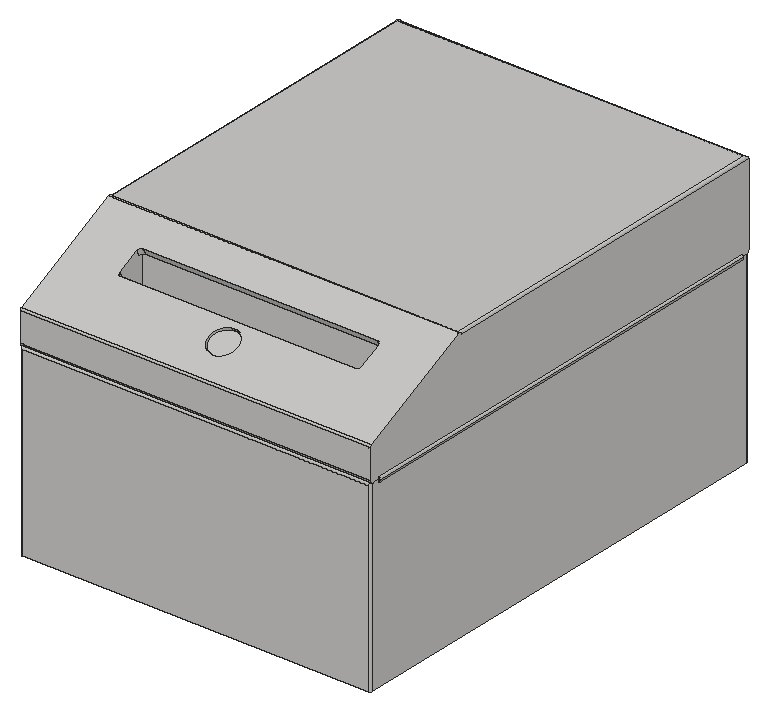
Revit family "PRD_AR_PprTwlDspnsrs_RODANElectronicPaperTowelDispenser_RODX630", category Specialty Equipment, host Face, Revit 2018
Family settings
  Host = Face
  Round Connector Dimension = Use Diameter
  Part Type = Normal
  OmniClass Number = 23.40.20.21.17
  OmniClass Title = Paper Towel Dispensers, Disposal Units
  Cut with Voids When Loaded = Yes
  Shared = No
  Room Calculation Point = No
Parameters (values of type "RODX630")
  WarrantyStartDate [instance] = "1900-12-31T23:59:59"
  WarrantyGuarantorParts = "n/a"
  WarrantyGuarantorLabor = "n/a"
  WarrantyDurationUnit = "year"
  WarrantyDurationParts = "n/a"
  WarrantyDurationLabor = "n/a"
  WarrantyDescription = "n/a"
  Version = "1"
  Uniclass2015Version = "Products v1.17"
  Uniclass2015Title = "Paper towel dispensers"
  Uniclass2015Code = "Pr_40_70_22_62"
  URL = "www.kwc.com"
  TypeOfOperation = "Sensor operation"
  TypeOfMounting = "Wall mounting"
  TypeOfFixing = "Screw"
  TypeOfConsumable = "Paper roll"
  TypeOfBatteries = "D Mono battery 1.5 V"
  TagNumber [instance] = "n/a"
  SustainabilityPerformance = "n/a"
  Style = "Dispenser"
  Size = "290 x 390 x 226 mm"
  Shape = "n/a"
  SerialNumber [instance] = "n/a"
  Revision = "n/a"
  ReplacementCost = "n/a"
  ProductInformation = "https://pim.kwc.com/product/2000090071/attachment/datasheet?locale=en"
  Offset = 0 mm
  NumberOfBatteries = "4"
  NominalWidth = 290 mm
  NominalHeight = 390 mm
  NominalDepth = 226 mm
  NetWeight = 5.55 kg
  Name = "Electronic Paper Towel Dispenser RODX630"
  NBSTypeID = "n/a"
  NBSReference = "45-35-72/344"
  NBSOfficeMasterTag = "n/a"
  NBSNote = "n/a"
  NBSDescription = "Paper towel dispensers"
  NBSCertification = "n/a"
  ModelReference = "RODX630"
  ModelNumber = "2000090071"
  Model = ModelReference  # "RODX630"
  MaximumWidthOfConsumable = "205.00 mm"
  MaximumDepthDiameterOfConsumable = "220.00 mm"
  MaterialThickness = "0.80 mm"
  MaterialCode = "1.4301"
  Material = "stainless steel"
  ManufacturerURL = "www.kwc.com"
  ManufacturerName = "KWC Group AG"  # constant formula
  Manufacturer = ManufacturerName  # "KWC Group AG"
  MainColor = "stainless steel"
  Lock = "Key-lock"
  IsBuiltIn = "TRUE"
  IntegralAccessories = "incl. stainless steel screws and dowels"
  InstallationDate [instance] = "1900-12-31T23:59:59"
  IfcExportType = "USERDEFINED"
  IfcExportAs = "IfcFurnitureType"
  GrossWeight = 6.34 kg
  Grade = "n/a"
  Finish = "satin finished"
  FillingQuantityUom = "Rolls"
  FillingQuantity = "1"
  Features = "stainless steel, surface satin finished"
  ExpectedLife = "n/a"
  DurationUnit = "year"
  DispenserMaterial = PRD_AR_StainlessSteel_SatinFinished
  Description = "Touch free paper towel dispenser for wall mounting, stainless steel, surface satin finished, material thickness 0.8 mm, folded cover with cylinder lock and standard KWC key, infrared sensor activity for non-touch operation, integrated tear-off edge, needs 4 pcs. standard D 1.5 V batteries, maintenance free mechanic and easy paper roll change mechanism, for rolls with max. width 205 mm and max. diameter 200 mm, paper length adjustable to 200, 250 and 300 mm, includes stainless steel screws and dowels."
  Default Elevation = 850 mm
  CreatedOn = "05/2020"  # constant formula
  Constituents = "n/a"
  Color = "n/a"
  CodePerformance = "n/a"
  Category = "Pr_40_70_22_62, Paper Towel Dispensers"
  BarCode [instance] = "n/a"
  BIMObjectName = "PRD_AR_PaperTowelDispensers_RODANElectronicPaperTowelDispenser_RODX630"
  Author = "Archispace"  # constant formula
  AssetType = "Fixed"
  AssetIdentifier [instance] = "n/a"
  AccessibilityPerformance = "n/a"
Reference planes
  plane 1 "Center (Front/Back)": y = 0
  plane 2: z = 0
  plane 3 "Center (Left/Right)": x = 0
  plane 4: z = 0
Dimensions and locks
  "Offset": plane 4 to level
  aligned and locked: plane 2 to host face
  aligned and locked: level to host face
Automatic sketch dimensions
  host sketch curve to host sketch curve = 527.678 mm
  host sketch curve to host sketch curve = 523.508 mm
Nested families
  nested 1: "RODX630" at (0, 0, 0), type "RODX630"
Definition of nested family "RODX630"
  Parameters (values of type "RODX630")
    Material = none
  Reference planes
    plane 1 "Center (Front/Back)": y = 0
    plane 2: z = 0
    plane 3 "Center (Left/Right)": x = 0
  Forms (mm)
    Extrusion 1, solid, material <- "Material", detail levels fine
      sketch origin (0, 0, 0) x (1, 0, 0) y (0, 1, 0)
        loop
          line (-145, 195) -> (-145, -195) -> (145, -195) -> (145, 195) -> (-145, 195)
      from 0 to 154.5
    Extrusion 2, solid, material <- "Material", detail levels fine
      sketch origin (0, 0, 0) x (0, 1, 0) y (0, 0, 1)
        loop
          line (195, 156.5) -> (195, 226) -> (-102.546, 226)
          arc (-102.546, 226) -> (-102.989, 225.95) -> (-103.409, 225.804) r 2
          line (-103.409, 225.804) -> (-193.863, 182.544)
          arc (-193.863, 182.544) -> (-194.692, 181.806) -> (-195, 180.74) r 2
          line (-195, 180.74) -> (-195, 156.5)
          arc (-195, 156.5) -> (-194.414, 155.086) -> (-193, 154.5) r 2
          line (-193, 154.5) -> (193, 154.5)
          arc (193, 154.5) -> (194.414, 155.086) -> (195, 156.5) r 2
      from -145 to 145
    Sweep 3, void
      path in 3D
        loop
          line (145, -195, 0) -> (145, -195, 154.5) -> (-145, -195, 154.5) -> (-145, -195, 0)
      profile origin (-145, -195, 77.25) x (-1, 0, 0) y (0, -1, 0)
        loop
          line (0, 0) -> (-2, 0)
          arc (-2, 0) -> (-0.586, -0.586) -> (0, -2) r 2
          line (0, -2) -> (0, 0)
    Sweep 4, void
      path in 3D
        loop
          line (145, 195, 0) -> (145, 195, 154.5) -> (-145, 195, 154.5) -> (-145, 195, 0)
      profile origin (-145, 195, 77.25) x (-1, 0, 0) y (0, -1, 0)
        loop
          line (0, 0) -> (0, 2)
          arc (0, 2) -> (-0.586, 0.586) -> (-2, 0) r 2
          line (-2, 0) -> (0, 0)
    Sweep 5, void
      path in 3D
        loop
          line (-145, -102.546, 226) -> (-145, 195, 226) -> (145, 195, 226) -> (145, -102.546, 226)
      profile origin (-145, 46.227, 226) x (-1, 0, 0) y (0, 0, 1)
        loop
          line (0, 0) -> (-2, 0)
          arc (-2, 0) -> (-0.586, -0.586) -> (0, -2) r 2
          line (0, -2) -> (0, 0)
    Extrusion 6, void
      sketch origin (0, -103.409, 225.804) x (0, 0.902134, 0.431455) y (-1, 0, 0)
        loop
          arc (-30.5, -100) -> (-28.379, -99.121) -> (-27.5, -97) r 3
          line (-27.5, -97) -> (-27.5, 97)
          arc (-27.5, 97) -> (-28.379, 99.121) -> (-30.5, 100) r 3
          line (-30.5, 100) -> (-49.5, 100)
          arc (-49.5, 100) -> (-51.621, 99.121) -> (-52.5, 97) r 3
          line (-52.5, 97) -> (-52.5, -97)
          arc (-52.5, -97) -> (-51.621, -99.121) -> (-49.5, -100) r 3
          line (-49.5, -100) -> (-30.5, -100)
      from -5 to 0
    Extrusion 7, void
      sketch origin (0, 0, 0) x (0, 1, 0) y (0, 0, 1)
        loop
          line (-126.061, 209.429) -> (-145.794, 199.991) -> (-145.794, 169.471)
          arc (-145.794, 169.471) -> (-140.03, 155.424) -> (-126.061, 149.473) r 20
          line (-126.061, 149.473) -> (-126.061, 209.429)
      from -100 to 100
    Extrusion 8, void
      sketch origin (0, -103.409, 225.804) x (0, 0.902134, 0.431455) y (-1, 0, 0)
        loop
          circle (-69.5, 0) r 12
      from 0 to -2
    Sweep 9, solid, material <- "Material", detail levels fine
      path origin (0, 0, 0) x (0, 1, 0) y (0, 0, 1)
        loop
          line (-187.5, 154.527) -> (187.5, 154.527)
      profile origin (0, 0, 154.527) x (0, 0, 1) y (1, 0, 0)
        loop
          circle (-0.027, 145) r 1.8
    Revolve 10, solid, material <- "Material", detail levels fine
      sketch origin (0, 30.691, 194.178) x (0, 0.902134, 0.431455) y (-1, 0, 0)
        loop
          line (-34.021, 145) -> (-24.021, 145) -> (-24.021, 147.7)
          arc (-24.021, 147.7) -> (-24.606, 149.114) -> (-26.021, 149.7) r 2
          line (-26.021, 149.7) -> (-27.655, 149.7)
          arc (-27.655, 149.7) -> (-28.021, 150.066) -> (-28.521, 150.2) r 1
          line (-28.521, 150.2) -> (-34.021, 150.2) -> (-34.021, 145)
        axis (-34.021, 150.2) -> (-34.021, 145)
      angle from 0 to 360
    Extrusion 11, solid, material <- "Material", detail levels medium
      sketch origin (0, 0, 0) x (1, 0, 0) y (0, 1, 0)
        loop
          line (-145, 195) -> (-145, -195) -> (145, -195) -> (145, 195) -> (-145, 195)
      from 0 to 154.5
    Extrusion 12, solid, material <- "Material", detail levels medium
      sketch origin (0, 0, 0) x (0, 1, 0) y (0, 0, 1)
        loop
          line (195, 154.5) -> (195, 226) -> (-103, 226) -> (-195, 182) -> (-195, 154.5) -> (195, 154.5)
      from -145 to 145
    Revolve 13, solid, material <- "Material", detail levels medium
      sketch origin (0, 30.691, 194.178) x (0, 0.902134, 0.431455) y (-1, 0, 0)
        loop
          line (-34.021, 145) -> (-24.021, 145) -> (-24.021, 150.2) -> (-34.021, 150.2) -> (-34.021, 145)
        axis (-34.021, 150.2) -> (-34.021, 145)
      angle from 0 to 360
    Extrusion 14, solid, material <- "Material", detail levels coarse
      sketch origin (0, 0, 0) x (0, 1, 0) y (0, 0, 1)
        loop
          line (195, 0) -> (195, 226) -> (-103, 226) -> (-195, 182) -> (-195, 0) -> (195, 0)
      from -145 to 145
  Cuts and joins
    Sweep 5, Extrusion 6, Extrusion 7, Extrusion 8 cuts Extrusion 2
    joined: Extrusion 2, Sweep 9
    Sweep 3, Sweep 4, Extrusion 7 cuts Extrusion 1
    Extrusion 6 cuts Extrusion 12
  Lines and regions (mm)
    sketch lines
      curve 1: line (-145, -195, 154.5) -> (-145, -195, 0)
      curve 2: line (-145, -195, 154.5) -> (145, -195, 154.5)
      curve 3: line (145, -195, 154.5) -> (145, -195, 0)
      curve 4: line (-145, 195, 154.5) -> (-145, 195, 0)
      curve 5: line (145, 195, 154.5) -> (-145, 195, 154.5)
      curve 6: line (145, 195, 154.5) -> (145, 195, 0)
      curve 7: line (-145, -102.546, 226) -> (-145, 195, 226)
      curve 8: line (145, 195, 226) -> (-145, 195, 226)
      curve 9: line (145, 195, 226) -> (145, -102.546, 226)
  Dimensions and locks
    aligned and locked: level to plane 2
